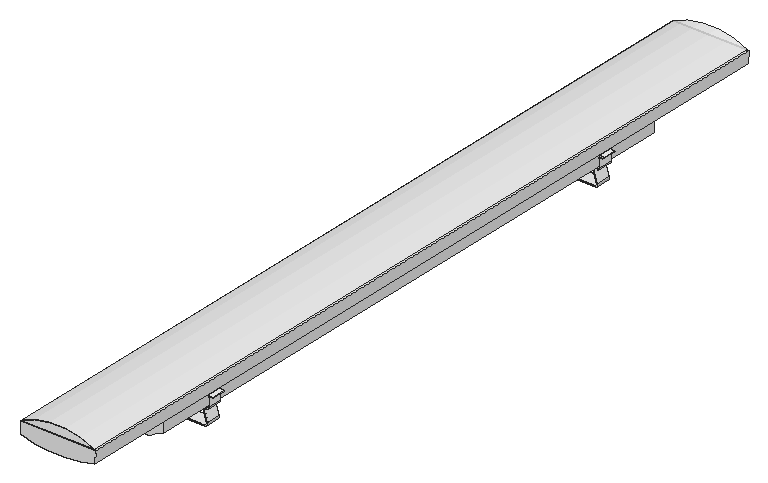
Revit family "Lighting-Industriale-GEWISS-SMART[3]PLUS-PLAFONIERA-LED-EMERGENZA_TRANSPARENTE_1200mm", category Apparecchi per illuminazione, host Superficie, Revit 2019
Family settings
  Host = Superficie
  Quota connettore circolare = Usa diametro
  Tipo di parte = Normale
  Taglio con vuoti quando caricato = No
  Sorgente d'illuminazione = No
  Condiviso = No
  Punto di calcolo locali = No
Parameters (values of type "GWS3225AT957 - SMART3 PLUS 1200 EMERG DT1+DT6 HE TRASP 9 57")
  Versione file RFA = "20.0"
  URL = "https://www.gewiss.com/it/it"
  Tipologia sorgente luminosa = "LED - Non sostituibile"
  Tipologia = ""
  Tipo alimentatore = ""
  Tensione = "220-240 V "
  Temperatura di utilizzo = "ND"
  Temperatura di funzionamento = "ND"
  Temperatura di colore: = "5700 K (CRI > 90)"
  Temperatura di colore = "5700 K (CRI > 90)"
  Struttura = GEWISS - SMART 3 - GRIGIO
  Stampa 1_200 = no
  Stampa 1_100 = not(Stampa 1_200)  # yes
  Spostamento_Y_etichetta [instance] = 0 mm
  Spostamento_Y_effettivo_etichetta [instance] = 1500 mm - Spostamento_Y_etichetta  # 1500 mm
  Spostamento_X_etichetta [instance] = 0 mm
  Spostamento_X_effettivo_etichetta [instance] = 1500 mm - Spostamento_X_etichetta  # 1500 mm
  Schermo. = Gewiss - Led Acceso
  Schermo = "Trasparente"
  Scheda Tecnica = "https://www.gewiss.com/it/it/search?q=GWS3225AT957"
  SEO = "Plafoniera"
  Resistenza agli urti = "IK08"
  Default Elevation = 1219.2 mm
  Produttore = "GEWISS S.p.A."
  Potenza di sistema = "36 W"
  Peso (kg): = ""
  NÂ° LED (#) = ""
  Modello = "GWS3225AT957"
  Lunghezza Lampada = 1200 mm  # constant formula
  Lunghezza = "1200 mm"
  Lumen output (lm) = "4500"
  Lampada: = "LED"
  Lampada = "LED"
  LED LifeTime (L80B20) = ""
  LED Life time (L90B50) = ""
  LED Life time (L80B50) = ""
  LED Life time (L70) = ""
  Immagine tipo = GWS3136T.jpg
  IFC.TypeObject = ""
  IFC.ExportType = ""
  IFC.ExportAs = ""
  IDT = "4cee24bc-7d08-4ab8-ad84-39fd04b56e2f"
  IDF = "587b6aa6-0e26-4fba-a401-9b2419879337"
  Grado di protezione = "IP66/IP69"
  Glow Wire Test = "850°C"
  Garanzia = "ND"
  Ganci = GEWISS  - ALLUMINIO
  Flusso nominale (lm) = ""
  Failure rate apparecchio (50.000h, Tq=25Â° C) = ""
  Failure rate apparecchio (35.000h, Tq=35Â° C) = ""
  Descrizione = "SMART3 PLUS 1200 EMERG DT1+DT6 HE TRASP 9 57"
  Creato da GEWISS S.p.A. = ""
  Commenti sul wattaggio = "56W"
  Codice Electrocod = "2434"
  Codice EAN = ""
  Classe isolamento = "II"
  Classe di efficienza LED integrati = "A ÷ A++"
  Catalogo Serie = "SMART[3] PLUS"
  Catalogo = "LIGHTING"
  Carico apparente = 56 VA
  COBie.Tagnumber = ""
  COBie.CreatedOn = ""
  COBie.CreatebBy = ""
  COBie.ComponentRegisterItemID = ""
  COBie.Component.TagNumber = ""
  COBie.Component.Space = ""
  COBie.Component.SerialNumber = ""
  COBie.Component.InstallationDate = ""
  COBie.Component.Description = ""
  COBie.Component.BarCode = ""
  Applicazione = "Interno"
  Apparecchio a ridotta temperatura superficiale = ""
Types (7, lengths in mm): name | Temperatura di colore: | Temperatura di colore | Scheda Tecnica | Modello | Lumen output (lm) | IDT | Descrizione | Commenti sul wattaggio | Carico apparente
  (no name) | "5700 K (CRI > 90)" | "5700 K (CRI > 90)" | "https://www.gewiss.com/it/it/search?q=GWS3225AT957" | "GWS3225AT957" | "4500" | "4cee24bc-7d08-4ab8-ad84-39fd04b56e2f" | "SMART3 PLUS 1200 EMERG DT1+DT6 HE TRASP 9 57" | "56W" | 56 VA
  GWS3225AT830 - SMART3 PLUS 1200 EMERG DT1+DT6 HE TRASP 8 30 | "3000 K (CRI > 80)" | "3000 K (CRI > 80)" | "https://www.gewiss.com/it/it/search?q=GWS3225AT830" | "GWS3225AT830" | "5400" | "e35c085b-fb90-42c9-abd4-3dd21300d648" | "SMART3 PLUS 1200 EMERG DT1+DT6 HE TRASP 8 30" | "43W" | 43 VA
  GWS3225AT857 - SMART3 PLUS 1200 EMERG DT1+DT6 HE TRASP 8 57 | "5700 K (CRI > 80)" | "5700 K (CRI > 80)" | "https://www.gewiss.com/it/it/search?q=GWS3225AT857" | "GWS3225AT857" | "5700" | "3d4547a7-9022-496a-bdf7-0ca7f89dfcc0" | "SMART3 PLUS 1200 EMERG DT1+DT6 HE TRASP 8 57" | "43W" | 43 VA
  GWS3225AT930 - SMART3 PLUS 1200 EMERG DT1+DT6 HE TRASP 9 30 | "3000 K (CRI > 90)" | "3000 K (CRI > 90)" | "https://www.gewiss.com/it/it/search?q=GWS3225AT930" | "GWS3225AT930" | "4200" | "1acd2cf4-6378-4f47-83cc-e80cbbba81b7" | "SMART3 PLUS 1200 EMERG DT1+DT6 HE TRASP 9 30" | "45W" | 45 VA
  GWS3225AT840 - SMART3 PLUS 1200 EMERG DT1+DT6 HE TRASP 8 40 | "4000 K (CRI > 80)" | "4000 K (CRI > 80)" | "https://www.gewiss.com/it/it/search?q=GWS3225AT840" | "GWS3225AT840" | "5700" | "39007806-11a0-4433-9a3b-6732bf933f4e" | "SMART3 PLUS 1200 EMERG DT1+DT6 HE TRASP 8 40" | "45W" | 45 VA
  GWS3225AT940 - SMART3 PLUS 1200 EMERG DT1+DT6 HE TRASP 9 40 | "4000 K (CRI > 90)" | "4000 K (CRI > 90)" | "https://www.gewiss.com/it/it/search?q=GWS3225AT940" | "GWS3225AT940" | "4500" | "35dc2ff4-c68c-4bfd-a093-e82e785250cb" | "SMART3 PLUS 1200 EMERG DT1+DT6 HE TRASP 9 40" | "56W" | 56 VA
  GWS3225AT957 - SMART3 PLUS 1200 EMERG DT1+DT6 HE TRASP 9 57 | "5700 K (CRI > 90)" | "5700 K (CRI > 90)" | "https://www.gewiss.com/it/it/search?q=GWS3225AT957" | "GWS3225AT957" | "4500" | "4cee24bc-7d08-4ab8-ad84-39fd04b56e2f" | "SMART3 PLUS 1200 EMERG DT1+DT6 HE TRASP 9 57" | "56W" | 56 VA
Reference planes
  plane 1 "Centro (Fronte/Retro)": y = 0
  plane 2: z = 0
  plane 3 "Centro (Sinistra/Destra)": x = 0
  plane 4: x = -1500
  plane 5: y = -1500
  plane 6: x = 0
  plane 7: y = 0
Forms (mm)
  Extrusion 1, solid, material "GEWISS  - ALLUMINIO" <- "Ganci", detail levels medium+fine
    sketch origin (0, 0, 0) x (1, 0, 0) y (0, 0, 1)
      loop
        arc (31.431, -0.002) -> (34.576, 1.589) -> (35.156, 5.066) r 3.903
        line (35.156, 5.066) -> (29.612, 23.211)
        arc (29.612, 23.211) -> (29.883, 24.381) -> (31.032, 24.73) r 1.2
        line (31.032, 24.73) -> (34.307, 23.974)
        arc (34.307, 23.974) -> (36.765, 24.53) -> (37.859, 26.8) r 2.9
        line (37.859, 26.8) -> (37.859, 38.8)
        arc (37.859, 38.8) -> (37.648, 39.694) -> (37.059, 40.4) r 2
        line (37.059, 40.4) -> (37.059, 42.71) -> (42.861, 40.598) -> (43.203, 41.538) -> (37.53, 43.603)
        arc (37.53, 43.603) -> (37.019, 43.613) -> (36.605, 43.311) r 0.8
        line (36.605, 43.311) -> (36.306, 26.139)
        arc (36.306, 26.139) -> (35.6, 25.444) -> (34.616, 25.34) r 1.5
        line (34.616, 25.34) -> (31.344, 26.095)
        arc (31.344, 26.095) -> (28.858, 25.335) -> (28.273, 22.802) r 2.6
        line (28.273, 22.802) -> (33.827, 4.636)
        arc (33.827, 4.636) -> (33.449, 2.415) -> (31.438, 1.4) r 2.5
        line (31.438, 1.4) -> (-31.437, 1.4)
        arc (-31.437, 1.4) -> (-33.449, 2.415) -> (-33.827, 4.636) r 2.5
        line (-33.827, 4.636) -> (-28.273, 22.802)
        arc (-28.273, 22.802) -> (-28.858, 25.335) -> (-31.344, 26.095) r 2.6
        line (-31.344, 26.095) -> (-34.616, 25.34)
        arc (-34.616, 25.34) -> (-35.6, 25.444) -> (-36.306, 26.139) r 1.5
        line (-36.306, 26.139) -> (-36.605, 43.311)
        arc (-36.605, 43.311) -> (-37.019, 43.613) -> (-37.53, 43.603) r 0.8
        line (-37.53, 43.603) -> (-43.203, 41.538) -> (-42.861, 40.598) -> (-37.059, 42.71) -> (-37.059, 40.4)
        arc (-37.059, 40.4) -> (-37.648, 39.694) -> (-37.859, 38.8) r 2
        line (-37.859, 38.8) -> (-37.859, 26.8)
        arc (-37.859, 26.8) -> (-36.765, 24.53) -> (-34.307, 23.974) r 2.9
        line (-34.307, 23.974) -> (-31.032, 24.73)
        arc (-31.032, 24.73) -> (-29.883, 24.381) -> (-29.612, 23.211) r 1.2
        line (-29.612, 23.211) -> (-35.156, 5.066)
        arc (-35.156, 5.066) -> (-34.576, 1.589) -> (-31.431, -0.002) r 3.903
        line (-31.431, -0.002) -> (31.431, -0.002)
    from 348.766 to 368.766
  Extrusion 2, solid, material "GEWISS  - ALLUMINIO" <- "Ganci", detail levels medium+fine
    sketch origin (0, 0, 0) x (1, 0, 0) y (0, 0, -1)
      loop
        line (31.431, 0.002) -> (-31.431, 0.002)
        arc (-31.431, 0.002) -> (-34.576, -1.589) -> (-35.156, -5.066) r 3.903
        line (-35.156, -5.066) -> (-29.612, -23.211)
        arc (-29.612, -23.211) -> (-29.883, -24.381) -> (-31.032, -24.73) r 1.2
        line (-31.032, -24.73) -> (-34.307, -23.974)
        arc (-34.307, -23.974) -> (-36.765, -24.53) -> (-37.859, -26.8) r 2.9
        line (-37.859, -26.8) -> (-37.859, -38.8)
        arc (-37.859, -38.8) -> (-37.648, -39.694) -> (-37.059, -40.4) r 2
        line (-37.059, -40.4) -> (-37.059, -42.71) -> (-42.861, -40.598) -> (-43.203, -41.538) -> (-37.53, -43.603)
        arc (-37.53, -43.603) -> (-37.019, -43.613) -> (-36.605, -43.311) r 0.8
        line (-36.605, -43.311) -> (-36.306, -26.139)
        arc (-36.306, -26.139) -> (-35.6, -25.444) -> (-34.616, -25.34) r 1.5
        line (-34.616, -25.34) -> (-31.344, -26.095)
        arc (-31.344, -26.095) -> (-28.858, -25.335) -> (-28.273, -22.802) r 2.6
        line (-28.273, -22.802) -> (-33.827, -4.636)
        arc (-33.827, -4.636) -> (-33.449, -2.415) -> (-31.437, -1.4) r 2.5
        line (-31.437, -1.4) -> (31.438, -1.4)
        arc (31.438, -1.4) -> (33.449, -2.415) -> (33.827, -4.636) r 2.5
        line (33.827, -4.636) -> (28.273, -22.802)
        arc (28.273, -22.802) -> (28.858, -25.335) -> (31.344, -26.095) r 2.6
        line (31.344, -26.095) -> (34.616, -25.34)
        arc (34.616, -25.34) -> (35.6, -25.444) -> (36.306, -26.139) r 1.5
        line (36.306, -26.139) -> (36.605, -43.311)
        arc (36.605, -43.311) -> (37.019, -43.613) -> (37.53, -43.603) r 0.8
        line (37.53, -43.603) -> (43.203, -41.538) -> (42.861, -40.598) -> (37.059, -42.71) -> (37.059, -40.4)
        arc (37.059, -40.4) -> (37.648, -39.694) -> (37.859, -38.8) r 2
        line (37.859, -38.8) -> (37.859, -26.8)
        arc (37.859, -26.8) -> (36.765, -24.53) -> (34.307, -23.974) r 2.9
        line (34.307, -23.974) -> (31.032, -24.73)
        arc (31.032, -24.73) -> (29.883, -24.381) -> (29.612, -23.211) r 1.2
        line (29.612, -23.211) -> (35.156, -5.066)
        arc (35.156, -5.066) -> (34.576, -1.589) -> (31.431, 0.002) r 3.903
    from 348.766 to 368.766
  Extrusion 3, solid, material "GEWISS - SMART 3 - GRIGIO" <- "Struttura", detail levels medium+fine
    sketch origin (0, 0, 0) x (1, 0, 0) y (0, 0, 1)
      loop
        line (-36.331, 55.757) -> (-35.847, 28.018)
        arc (-35.847, 28.018) -> (-33.139, 27.27) -> (-30.416, 26.58) r 129.5
        arc (-30.416, 26.58) -> (-28.066, 25.76) -> (-25.915, 24.506) r 13
        arc (-25.915, 24.506) -> (-24.23, 23.324) -> (-22.521, 22.178) r 99.5
        arc (-22.521, 22.178) -> (-16.401, 19.063) -> (-9.748, 17.365) r 31.146
        line (-9.748, 17.365) -> (12.491, 17.365)
        arc (12.491, 17.365) -> (17.822, 19.098) -> (22.764, 21.745) r 31.646
        arc (22.764, 21.745) -> (24.509, 22.915) -> (26.228, 24.122) r 100
        arc (26.228, 24.122) -> (28.283, 25.313) -> (30.525, 26.095) r 12.5
        arc (30.525, 26.095) -> (33.437, 26.834) -> (36.332, 27.64) r 130
        line (36.332, 27.64) -> (36.824, 55.851)
        arc (36.824, 55.851) -> (24.914, 53.937) -> (12.909, 52.764) r 195.047
        line (12.909, 52.764) -> (-12.909, 52.764)
        arc (-12.909, 52.764) -> (-24.665, 53.905) -> (-36.331, 55.757) r 195.047
    from -450 to 450
  Extrusion 4, solid, material "GEWISS - SMART 3 - GRIGIO" <- "Struttura", detail levels medium+fine
    sketch origin (0, 0, 0) x (1, 0, 0) y (0, 0, 1)
      loop
        line (54.725, 60.184) -> (55.177, 77.445) -> (-55.177, 77.445) -> (-54.725, 60.184)
        arc (-54.725, 60.184) -> (-34.019, 55.332) -> (-12.909, 52.764) r 195.047
        line (-12.909, 52.764) -> (12.909, 52.764)
        arc (12.909, 52.764) -> (34.019, 55.332) -> (54.725, 60.184) r 195.047
    from -600 to 600
  Extrusion 5, solid, material "Gewiss - Led Acceso" <- "Schermo.", detail levels medium+fine
    sketch origin (0, 0, 0) x (1, 0, 0) y (0, 0, 1)
      loop
        arc (54.697, 78.441) -> (-0.014, 90.457) -> (-54.723, 78.429) r 130.5
        arc (-54.723, 78.429) -> (-54.988, 77.838) -> (-54.5, 77.445) r 0.5
        line (-54.5, 77.445) -> (54.479, 77.445)
        arc (54.479, 77.445) -> (54.988, 77.855) -> (54.697, 78.441) r 0.522
    from -600 to 600
  Extrusion 6, solid, material "GEWISS - SMART 3 - GRIGIO" <- "Struttura", detail levels coarse
    sketch origin (0, 0, 0) x (1, 0, 0) y (0, 0, 1)
      loop
        line (-54.5, 90.439) -> (-54.5, 0) -> (54.5, 0) -> (54.5, 90.439) -> (-54.5, 90.439)
    from -600 to 600
Lines and regions (mm)
  Masking region 1
    outline origin (0, 0, 0) x (1, 0, 0) y (0, 1, 0)
      loop
        line (-55.177, 600) -> (-55.177, -600) -> (55.177, -600) -> (55.177, 600) -> (-55.177, 600)
  symbolic lines, style "GEWISS - LIGHT 2D"
    curve 1: line (0, 488.766, 0) -> (0, -491.234, 0)
Dimensions and locks
  plane 4 to plane 3 "Centro (Sinistra/Destra)" = 1500 mm
  "Spostamento_X_effettivo_etichetta": plane 4 to plane 6
  plane 1 "Centro (Fronte/Retro)" to plane 5 = 1500 mm
  "Spostamento_Y_effettivo_etichetta": plane 7 to plane 5
  aligned and locked: plane 2 to host face
  aligned and locked: level to host face
  aligned and locked: Masking region 1 sketch curve to Extrusion 4  (x4)
  aligned and locked: plane 6 to nested 1
  aligned and locked: nested 1 to plane 7
  aligned and locked: curve 1 to plane 3 "Centro (Sinistra/Destra)"
Automatic sketch dimensions
  host sketch curve to host sketch curve = 2438.4 mm  (x2)
  Extrusion 1 sketch curve to Extrusion 1 sketch curve = 0 mm  (x28)
  Extrusion 1 sketch curve to plane 3 "Centro (Sinistra/Destra)" = 43.203 mm
  level to Extrusion 1 sketch curve = 40.598 mm
  Extrusion 1 sketch curve to Extrusion 1 sketch curve = 0.342 mm  (x2)
  Extrusion 1 sketch curve to Extrusion 1 sketch curve = 5.002 mm  (x2)
  Extrusion 1 sketch curve to Extrusion 1 sketch curve = 0.329 mm
  Extrusion 1 sketch curve to Extrusion 1 sketch curve = 0.271 mm  (x2)
  Extrusion 1 sketch curve to Extrusion 1 sketch curve = 0.8 mm  (x2)
  Extrusion 1 sketch curve to Extrusion 1 sketch curve = 0.454 mm  (x2)
  Extrusion 1 sketch curve to Extrusion 1 sketch curve = 1.554 mm
  Extrusion 1 sketch curve to Extrusion 1 sketch curve = 2 mm
  level to Extrusion 1 sketch curve = 5.066 mm  (x2)
  Extrusion 1 sketch curve to Extrusion 1 sketch curve = 1.15 mm
  Extrusion 1 sketch curve to Extrusion 1 sketch curve = 1.346 mm  (x2)
  Extrusion 1 sketch curve to Extrusion 1 sketch curve = 0.343 mm  (x2)
  level to Extrusion 1 sketch curve = 4.636 mm  (x2)
  Extrusion 1 sketch curve to Extrusion 1 sketch curve = 1.329 mm  (x2)
  level to Extrusion 1 sketch curve = 1.4 mm
  Extrusion 1 sketch curve to Extrusion 1 sketch curve = 2.389 mm  (x2)
  Extrusion 1 sketch curve to Extrusion 1 sketch curve = 0.007 mm  (x2)
  Extrusion 1 sketch curve to Extrusion 1 sketch curve = 3.584 mm  (x2)
  Extrusion 1 sketch curve to Extrusion 1 sketch curve = 0.273 mm  (x2)
  plane 3 "Centro (Sinistra/Destra)" to Extrusion 1 sketch curve = 30.759 mm
  Extrusion 1 sketch curve to level = 0.002 mm
  Extrusion 1 sketch curve to Extrusion 1 sketch curve = 0.672 mm
  Extrusion 1 sketch curve to Extrusion 1 sketch curve = 0.9 mm
  level to Extrusion 1 sketch curve = 26.139 mm
  Extrusion 1 sketch curve to Extrusion 1 sketch curve = 0.746 mm
  Extrusion 1 sketch curve to Extrusion 1 sketch curve = 0.2 mm
  Extrusion 1 sketch curve to Extrusion 1 sketch curve = 2.577 mm
  Extrusion 1 sketch curve to Extrusion 1 sketch curve = 18.496 mm
  Extrusion 1 sketch curve to Extrusion 1 sketch curve = 1.169 mm  (x2)
  Extrusion 1 sketch curve to Extrusion 1 sketch curve = 0.799 mm  (x2)
  Extrusion 1 sketch curve to Extrusion 1 sketch curve = 0.609 mm
  Extrusion 1 sketch curve to Extrusion 1 sketch curve = 1.798 mm  (x2)
  Extrusion 1 sketch curve to Extrusion 1 sketch curve = 12 mm
  Extrusion 1 sketch curve to Extrusion 1 sketch curve = 0.94 mm  (x2)
  Extrusion 1 sketch curve to Extrusion 1 sketch curve = 0.14 mm  (x2)
  Extrusion 1 sketch curve to Extrusion 1 sketch curve = 0.309 mm  (x2)
  Extrusion 1 sketch curve to Extrusion 1 sketch curve = 0.312 mm  (x2)
  Extrusion 1 sketch curve to Extrusion 1 sketch curve = 1.148 mm  (x2)
  Extrusion 1 sketch curve to Extrusion 1 sketch curve = 1.339 mm
  Extrusion 1 sketch curve to Extrusion 1 sketch curve = 2.486 mm
  Extrusion 1 sketch curve to Extrusion 1 sketch curve = 0.409 mm  (x2)
  Extrusion 2 sketch curve to Extrusion 2 sketch curve = 0 mm  (x28)
  Extrusion 2 sketch curve to plane 3 "Centro (Sinistra/Destra)" = 43.203 mm
  level to Extrusion 2 sketch curve = 40.598 mm
  Extrusion 2 sketch curve to Extrusion 2 sketch curve = 0.342 mm  (x2)
  Extrusion 2 sketch curve to Extrusion 2 sketch curve = 5.002 mm  (x2)
  Extrusion 2 sketch curve to Extrusion 2 sketch curve = 0.329 mm
  Extrusion 2 sketch curve to Extrusion 2 sketch curve = 0.271 mm  (x2)
  Extrusion 2 sketch curve to Extrusion 2 sketch curve = 0.8 mm  (x2)
  Extrusion 2 sketch curve to Extrusion 2 sketch curve = 0.454 mm  (x2)
  Extrusion 2 sketch curve to Extrusion 2 sketch curve = 1.554 mm
  Extrusion 2 sketch curve to Extrusion 2 sketch curve = 2 mm
  level to Extrusion 2 sketch curve = 5.066 mm  (x2)
  Extrusion 2 sketch curve to Extrusion 2 sketch curve = 1.15 mm
  Extrusion 2 sketch curve to Extrusion 2 sketch curve = 1.346 mm  (x2)
  Extrusion 2 sketch curve to Extrusion 2 sketch curve = 0.343 mm  (x2)
  level to Extrusion 2 sketch curve = 4.636 mm  (x2)
  Extrusion 2 sketch curve to Extrusion 2 sketch curve = 1.329 mm  (x2)
  level to Extrusion 2 sketch curve = 1.4 mm
  Extrusion 2 sketch curve to Extrusion 2 sketch curve = 2.389 mm  (x2)
  Extrusion 2 sketch curve to Extrusion 2 sketch curve = 0.007 mm  (x2)
  Extrusion 2 sketch curve to Extrusion 2 sketch curve = 3.584 mm  (x2)
  Extrusion 2 sketch curve to Extrusion 2 sketch curve = 0.273 mm  (x2)
  plane 3 "Centro (Sinistra/Destra)" to Extrusion 2 sketch curve = 30.759 mm
  Extrusion 2 sketch curve to level = 0.002 mm
  Extrusion 2 sketch curve to Extrusion 2 sketch curve = 0.672 mm
  Extrusion 2 sketch curve to Extrusion 2 sketch curve = 0.9 mm
  level to Extrusion 2 sketch curve = 26.139 mm
  Extrusion 2 sketch curve to Extrusion 2 sketch curve = 0.746 mm
  Extrusion 2 sketch curve to Extrusion 2 sketch curve = 0.2 mm
  Extrusion 2 sketch curve to Extrusion 2 sketch curve = 14.46 mm
  Extrusion 2 sketch curve to Extrusion 2 sketch curve = 0.94 mm  (x2)
  Extrusion 2 sketch curve to Extrusion 2 sketch curve = 0.14 mm  (x2)
  Extrusion 2 sketch curve to Extrusion 2 sketch curve = 2.31 mm  (x2)
  Extrusion 2 sketch curve to Extrusion 2 sketch curve = 12 mm
  Extrusion 2 sketch curve to Extrusion 2 sketch curve = 0.661 mm  (x2)
  Extrusion 2 sketch curve to Extrusion 2 sketch curve = 0.609 mm  (x2)
  Extrusion 2 sketch curve to Extrusion 2 sketch curve = 1.169 mm  (x2)
  Extrusion 2 sketch curve to Extrusion 2 sketch curve = 0.309 mm  (x2)
  Extrusion 2 sketch curve to Extrusion 2 sketch curve = 0.312 mm  (x2)
  Extrusion 2 sketch curve to Extrusion 2 sketch curve = 1.148 mm  (x2)
  Extrusion 2 sketch curve to Extrusion 2 sketch curve = 1.339 mm
  Extrusion 2 sketch curve to Extrusion 2 sketch curve = 2.486 mm
  Extrusion 2 sketch curve to Extrusion 2 sketch curve = 1.365 mm  (x2)
  Extrusion 3 sketch curve to plane 3 "Centro (Sinistra/Destra)" = 36.331 mm
  Extrusion 3 sketch curve to Extrusion 3 sketch curve = 0.484 mm
  Extrusion 3 sketch curve to Extrusion 3 sketch curve = 2.34 mm
  Extrusion 3 sketch curve to plane 3 "Centro (Sinistra/Destra)" = 32.068 mm
  Extrusion 3 sketch curve to plane 3 "Centro (Sinistra/Destra)" = 12.909 mm
  Extrusion 3 sketch curve to plane 3 "Centro (Sinistra/Destra)" = 9.748 mm
  Extrusion 3 sketch curve to plane 3 "Centro (Sinistra/Destra)" = 5.421 mm
  Extrusion 3 sketch curve to plane 3 "Centro (Sinistra/Destra)" = 0.057 mm
  Extrusion 3 sketch curve to plane 3 "Centro (Sinistra/Destra)" = 0.007 mm
  Extrusion 3 sketch curve to plane 3 "Centro (Sinistra/Destra)" = 0.001 mm
  plane 3 "Centro (Sinistra/Destra)" to Extrusion 3 sketch curve = 0.057 mm
  plane 3 "Centro (Sinistra/Destra)" to Extrusion 3 sketch curve = 5.412 mm
  plane 3 "Centro (Sinistra/Destra)" to Extrusion 3 sketch curve = 12.491 mm
  Extrusion 3 sketch curve to Extrusion 3 sketch curve = 7.496 mm
  plane 3 "Centro (Sinistra/Destra)" to Extrusion 3 sketch curve = 32.059 mm
  Extrusion 3 sketch curve to Extrusion 3 sketch curve = 21.008 mm
  Extrusion 3 sketch curve to Extrusion 3 sketch curve = 2.833 mm
  Extrusion 3 sketch curve to Extrusion 3 sketch curve = 23.916 mm
  level to Extrusion 3 sketch curve = 13.953 mm  (x2)
  level to Extrusion 3 sketch curve = 17.365 mm  (x2)
  Extrusion 3 sketch curve to Extrusion 3 sketch curve = 13.687 mm
  Extrusion 3 sketch curve to Extrusion 3 sketch curve = 14.064 mm
  Extrusion 3 sketch curve to Extrusion 3 sketch curve = 30.844 mm
  Extrusion 3 sketch curve to Extrusion 3 sketch curve = 0 mm  (x3)
  Extrusion 3 sketch curve to Extrusion 3 sketch curve = 4.555 mm
  Extrusion 3 sketch curve to Extrusion 3 sketch curve = 2.993 mm
  Extrusion 3 sketch curve to Extrusion 3 sketch curve = 3.087 mm
  Extrusion 3 sketch curve to Extrusion 3 sketch curve = 49.52 mm
  Extrusion 3 sketch curve to Extrusion 3 sketch curve = 49.615 mm
  Extrusion 3 sketch curve to Extrusion 3 sketch curve = 47.089 mm
  Extrusion 3 sketch curve to Extrusion 3 sketch curve = 5.431 mm
  Extrusion 3 sketch curve to Extrusion 3 sketch curve = 4.5 mm
  Extrusion 3 sketch curve to Extrusion 3 sketch curve = 10.273 mm
  Extrusion 3 sketch curve to Extrusion 3 sketch curve = 3.465 mm
  Extrusion 3 sketch curve to Extrusion 3 sketch curve = 4.297 mm
  Extrusion 4 sketch curve to plane 3 "Centro (Sinistra/Destra)" = 55.177 mm
  Extrusion 4 sketch curve to Extrusion 4 sketch curve = 0.452 mm  (x2)
  Extrusion 4 sketch curve to plane 3 "Centro (Sinistra/Destra)" = 12.909 mm
  Extrusion 4 sketch curve to plane 3 "Centro (Sinistra/Destra)" = 0.057 mm
  plane 3 "Centro (Sinistra/Destra)" to Extrusion 4 sketch curve = 0.057 mm
  plane 3 "Centro (Sinistra/Destra)" to Extrusion 4 sketch curve = 12.909 mm
  Extrusion 4 sketch curve to Extrusion 4 sketch curve = 41.816 mm
  level to Extrusion 4 sketch curve = 52.764 mm
  Extrusion 4 sketch curve to Extrusion 4 sketch curve = 7.42 mm  (x2)
  Extrusion 4 sketch curve to Extrusion 4 sketch curve = 17.262 mm
  Extrusion 5 sketch curve to plane 3 "Centro (Sinistra/Destra)" = 0 mm
  Extrusion 5 sketch curve to plane 3 "Centro (Sinistra/Destra)" = 54.5 mm
  plane 3 "Centro (Sinistra/Destra)" to Extrusion 5 sketch curve = 54.479 mm
  Extrusion 5 sketch curve to level = 40.043 mm
  level to Extrusion 5 sketch curve = 77.445 mm
  Extrusion 5 sketch curve to Extrusion 5 sketch curve = 0.5 mm
  Extrusion 5 sketch curve to Extrusion 5 sketch curve = 0.522 mm
  Extrusion 5 sketch curve to Extrusion 5 sketch curve = 0.21 mm
  Extrusion 5 sketch curve to Extrusion 5 sketch curve = 0.014 mm
  Extrusion 5 sketch curve to Extrusion 5 sketch curve = 0 mm
  Extrusion 6 sketch curve to level = 0 mm
  Extrusion 6 sketch curve to plane 3 "Centro (Sinistra/Destra)" = 54.5 mm
  plane 3 "Centro (Sinistra/Destra)" to Extrusion 6 sketch curve = 54.5 mm
  Extrusion 6 sketch curve to Extrusion 6 sketch curve = 90.439 mm
  plane 1 "Centro (Fronte/Retro)" to curve 1 = 491.234 mm
  curve 1 to plane 1 "Centro (Fronte/Retro)" = 488.766 mm
Nested families
  nested 1: "ETICHETTA WATTAGGIO" at (0, 0, 0), type "ETICHETTA WATTAGGIO"
Connectors
  electrical at (0, 0, 0), driven by "Carico apparente"
    settings: on Masking region 1, index 1, voltage 230 V, apparent load 0 VA, apparent load phase1 56 VA, apparent load phase2 0 VA, apparent load phase3 0 VA, power factor 1, load classification "Illuminazione", number of poles 2, system type 31, power factor state 1, is connector primary yes, connector utility no, sub classification motor no, connector description ""
Definition of nested family "ETICHETTA WATTAGGIO"
  Parameters (values of type "ETICHETTA WATTAGGIO")
    GW - Potenza di sistema = ""
    GW - Numero LED = ""
    COMMENTI = "13W"
    1_200 = no
    1_100 = yes
  Reference planes
    plane 1: y = 0
    plane 2: x = 0
  Text (mm)
    label "GW - Potenza di sistema\nGW - Numero LED LED" at (-0.057, -0.214, 0), shows "GW - Potenza di sistema", "GW - Numero LED", visible <- "1_100"
    label "GW - Potenza di sistema\nGW - Numero LED LED " at (-0.057, -0.214, 0), shows "GW - Potenza di sistema", "GW - Numero LED", visible <- "1_200"
